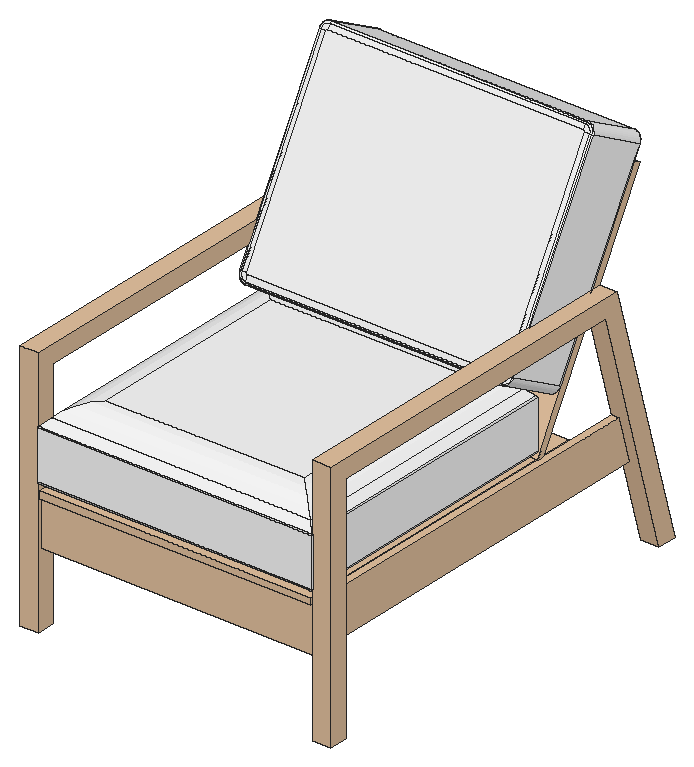
Revit family "IKEA_Lillberg_Chair_Armchair_Fotel_5191", category Мебель, Revit 2017
Family settings
  На основе рабочей плоскости = Нет
  Всегда вертикально = Да
  При загрузке вырезать с полостями = Нет
  Общий = Нет
  Точка расчета площади = Нет
Parameters (values of type "Birch, white")
  Seat material = Fabric - White
  Frame = IKEA-Birch
  Assembly Code = ""
Types (2, lengths in mm): name | Seat material | Frame
  BlackBrown | Fabric - vintage | IKEA-BlackBrown
  Birch, white | Fabric - White | IKEA-Birch
Reference planes
  plane 1 "Środek (Przód/Tył)": y = 0
  plane 2: z = 0
  plane 3 "Środek (Lewa/Prawa)": x = 0
  plane 4 "left pillow": x = -300
  plane 5 "right pillow": x = 300
  plane 6 "Top arm": z = 550
  plane 7: z = 430
  plane 8: y = 285
  plane 9: y = -285
  plane 10: z = 850
  plane 11: y = -655
  plane 12: x = 340
  plane 13: x = -340
  plane 14 "back": through (0, 351.962, 967.403) normal (0, -0.8687, 0.4953)
Forms (mm)
  Extrusion 1, solid, material "IKEA-Birch" <- "Frame"
    sketch origin (0, 0, 0) x (1, 0, 0) y (0, 1, 0)
      loop
        line (-297, 50) -> (-297, -655) -> (297, -655) -> (297, 50) -> (-297, 50)
    from 265 to 280
  Extrusion 2, solid, material "IKEA-Birch" <- "Frame"
    sketch origin (0, 0, 0) x (1, 0, 0) y (0, 1, 0)
      loop
        line (300, -650) -> (300, -635) -> (-300, -635) -> (-300, -650) -> (300, -650)
    from 165 to 265
  Extrusion 3, solid, material "IKEA-Birch" <- "Frame"
    sketch origin (0, 0, 0) x (1, 0, 0) y (0, 1, 0)
      loop
        line (300, -615) -> (315, -615) -> (315, 220) -> (300, 220) -> (300, -615)
      loop
        line (-300, -615) -> (-300, 190) -> (-315, 190) -> (-315, -615) -> (-300, -615)
    from 180 to 280
  Extrusion 4, void
    sketch origin (0, 0, 0) x (0, 1, 0) y (0, 0, 1)
      loop
        line (157.76, 299.937) -> (199.162, 154.937) -> (285, 154.937) -> (285, 299.937) -> (157.76, 299.937)
    from -432.789 to 531.263
  Extrusion 5, solid, material "IKEA-Birch" <- "Frame"
    sketch origin (0, 0, 0) x (0, 1, 0) y (0, 0, 1)
      loop
        line (-40, 280) -> (-26.969, 272.57) -> (240.513, 741.668) -> (227.483, 749.098) -> (-40, 280)
    from -300 to 300
  Extrusion 6, solid, material "Fabric - White" <- "Seat material"
    sketch origin (0, 0, 0) x (0, 1, 0) y (0, 0, 1)
      loop
        line (-656.407, 280) -> (-40, 280) -> (-40, 450) -> (-656.407, 450) -> (-656.407, 280)
    from -300 to 300
  Sweep 7, void
    path origin (0, 0, 450) x (1, 0, 0) y (0, 1, 0)
      loop
        line (-300, -40) -> (-300, -656.407) -> (300, -656.407) -> (300, -40) -> (-300, -40)
    profile origin (0, -40, 450) x (0, 1, 0) y (0, 0, 1)
      loop
        line (0, 30) -> (-155.955, 30) -> (-158.58, 0) -> (-82.846, 0)
        arc (-82.846, 0) -> (-46.723, -7.375) -> (-16.383, -28.321) r 92.147
        line (-16.383, -28.321) -> (-1.394, -43.93)
        arc (-1.394, -43.93) -> (-0.361, -45.526) -> (0, -47.393) r 5
        line (0, -47.393) -> (0, 30)
  Sweep 8, void
    path origin (0, 0, 0) x (1, 0, 0) y (0, 1, 0)
      loop
        line (-300, -40) -> (-300, -656.407) -> (300, -656.407) -> (300, -40) -> (-300, -40)
    profile origin (0, -40, 0) x (0, 1, 0) y (0, 0, 1)
      loop
        line (0, 280) -> (0, 297.091)
        arc (0, 297.091) -> (-1.063, 294.009) -> (-3.799, 292.237) r 5
        line (-3.799, 292.237) -> (-27.489, 286.376)
        arc (-27.489, 286.376) -> (-53.453, 281.6) -> (-79.804, 280) r 217.821
        line (-79.804, 280) -> (0, 280)
  Extrusion 9, solid, material "Fabric - White" <- "Seat material"
    sketch origin (0, -150.67, 85.913) x (0, 0.495339, 0.8687) y (-1, 0, 0)
      loop
        arc (814.424, 292) -> (812.081, 297.657) -> (806.424, 300) r 8
        line (806.424, 300) -> (344.656, 300)
        arc (344.656, 300) -> (339, 297.657) -> (336.656, 292) r 8
        line (336.656, 292) -> (336.656, -292)
        arc (336.656, -292) -> (339, -297.657) -> (344.656, -300) r 8
        line (344.656, -300) -> (806.424, -300)
        arc (806.424, -300) -> (812.081, -297.657) -> (814.424, -292) r 8
        line (814.424, -292) -> (814.424, 292)
    from 0 to 151.842
  Sweep 10, void
    path origin (0, -150.67, 85.913) x (0, 0.495339, 0.8687) y (-1, 0, 0)
      loop
        line (814.424, -280) -> (814.424, 280)
        arc (814.424, 280) -> (808.567, 294.142) -> (794.424, 300) r 20
        line (794.424, 300) -> (356.656, 300)
        arc (356.656, 300) -> (342.514, 294.142) -> (336.656, 280) r 20
        line (336.656, 280) -> (336.656, -280)
        arc (336.656, -280) -> (342.514, -294.142) -> (356.656, -300) r 20
        line (356.656, -300) -> (794.424, -300)
        arc (794.424, -300) -> (808.567, -294.142) -> (814.424, -280) r 20
    profile origin (0, 252.746, 793.403) x (0, -0.495339, -0.8687) y (0, -0.8687, 0.495339)
      loop
        line (4.302, 1.327) -> (1.299, 2.098)
        arc (1.299, 2.098) -> (0.363, 2.712) -> (0, 3.771) r 1.728
        line (0, 3.771) -> (0, 148.771)
        arc (0, 148.771) -> (0.834, 149.486) -> (1.859, 149.881) r 3.24
        line (1.859, 149.881) -> (6.307, 150.772)
        arc (6.307, 150.772) -> (11.679, 151.574) -> (17.104, 151.842) r 55
        line (17.104, 151.842) -> (-25, 151.842) -> (-25, 0) -> (14.82, 0)
        arc (14.82, 0) -> (9.519, 0.333) -> (4.302, 1.327) r 42.335
  Extrusion 11, solid, material "IKEA-Birch" <- "Frame"
    sketch origin (0, 0, 0) x (0, 1, 0) y (0, 0, 1)
      loop
        line (285, 0) -> (128.256, 550) -> (-655, 550) -> (-655, 0) -> (-615, 0) -> (-615, 510) -> (98.05, 510) -> (243.394, 0) -> (285, 0)
    from 300 to 340
  Extrusion 12, solid, material "IKEA-Birch" <- "Frame"
    sketch origin (0, 0, 0) x (0, 1, 0) y (0, 0, 1)
      loop
        line (285, 0) -> (128.256, 550) -> (-655, 550) -> (-655, 0) -> (-615, 0) -> (-615, 510) -> (98.05, 510) -> (243.394, 0) -> (285, 0)
    from -340 to -300
Cuts and joins
  Extrusion 4 cuts Extrusion 3
  Sweep 7, Sweep 8 cuts Extrusion 6
  Sweep 10 cuts Extrusion 5
  Sweep 10 cuts Extrusion 9
Dimensions and locks
  locked: plane 6 "Top arm" to plane 2 at 550
  locked: plane 2 to plane 7 at 430
  locked: plane 4 "left pillow" to plane 5 "right pillow" at 600
  equal spacing: plane 4 "left pillow", plane 3 "Środek (Lewa/Prawa)", plane 5 "right pillow"
  equal spacing: plane 8, plane 1 "Środek (Przód/Tył)", plane 9
  locked: plane 8 to plane 9 at 570
  plane 9 to plane 8 = 570 mm
  locked: plane 10 to level at 850
  locked: plane 11 to plane 8 at 940
  aligned and locked: Extrusion 2 to Extrusion 1
  aligned and locked: Extrusion 1 to Extrusion 3
Automatic sketch dimensions
  Extrusion 1 sketch curve to plane 11 = 0 mm
  plane 4 "left pillow" to Extrusion 1 sketch curve = 3 mm
  Extrusion 1 sketch curve to plane 5 "right pillow" = 3 mm
  Extrusion 1 sketch curve to plane 1 "Środek (Przód/Tył)" = 50 mm
  Extrusion 2 sketch curve to plane 4 "left pillow" = 0 mm
  Extrusion 2 sketch curve to plane 5 "right pillow" = 0 mm
  plane 11 to Extrusion 2 sketch curve = 5 mm
  Extrusion 2 sketch curve to Extrusion 2 sketch curve = 15 mm
  Extrusion 3 sketch curve to plane 4 "left pillow" = 0 mm
  Extrusion 3 sketch curve to plane 5 "right pillow" = 0 mm
  Extrusion 3 sketch curve to plane 4 "left pillow" = 15 mm
  Extrusion 3 sketch curve to Extrusion 3 sketch curve = 15 mm
  plane 11 to Extrusion 3 sketch curve = 40 mm  (x2)
  Extrusion 3 sketch curve to plane 8 = 95 mm
  Extrusion 3 sketch curve to plane 8 = 65 mm
  Extrusion 4 sketch curve to plane 8 = 0 mm
  Extrusion 4 sketch curve to Extrusion 4 sketch curve = 85.838 mm
  Extrusion 4 sketch curve to Extrusion 4 sketch curve = 127.24 mm
  level to Extrusion 4 sketch curve = 154.937 mm
  Extrusion 4 sketch curve to plane 7 = 130.063 mm
  Extrusion 5 sketch curve to plane 14 "back" = 0 mm  (x2)
  plane 1 "Środek (Przód/Tył)" to Extrusion 5 sketch curve = 40 mm
  Extrusion 5 sketch curve to Extrusion 5 sketch curve = 13.031 mm
  Extrusion 5 sketch curve to plane 8 = 57.517 mm
  Extrusion 6 sketch curve to plane 14 "back" = 0 mm
  Extrusion 6 sketch curve to plane 11 = 1.407 mm
  plane 7 to Extrusion 6 sketch curve = 20 mm
  plane 1 "Środek (Przód/Tył)" to Extrusion 6 sketch curve = 40 mm
  Sweep 7 sketch curve to plane 4 "left pillow" = 0 mm
  Sweep 7 sketch curve to plane 5 "right pillow" = 0 mm
  Sweep 7 sketch curve to plane 11 = 1.407 mm
  plane 1 "Środek (Przód/Tył)" to Sweep 7 sketch curve = 40 mm
  Sweep 7 sketch curve to profile plane = 0 mm  (x3)
  profile plane to Sweep 7 sketch curve = 1.394 mm
  Sweep 7 sketch curve to Sweep 7 sketch curve = 5 mm
  profile plane to Sweep 7 sketch curve = 16.383 mm
  Sweep 7 sketch curve to Sweep 7 sketch curve = 66.463 mm
  profile plane to Sweep 7 sketch curve = 30 mm
  Sweep 7 sketch curve to Sweep 7 sketch curve = 73.11 mm
  Sweep 7 sketch curve to Sweep 7 sketch curve = 2.625 mm
  Sweep 7 sketch curve to profile plane = 28.321 mm
  Sweep 7 sketch curve to Sweep 7 sketch curve = 15.608 mm
  Sweep 7 sketch curve to Sweep 7 sketch curve = 0 mm
  Sweep 8 sketch curve to plane 4 "left pillow" = 0 mm
  Sweep 8 sketch curve to plane 5 "right pillow" = 0 mm
  Sweep 8 sketch curve to plane 11 = 1.407 mm
  plane 1 "Środek (Przód/Tył)" to Sweep 8 sketch curve = 40 mm
  Sweep 8 sketch curve to profile plane = 0 mm  (x2)
  profile plane to Sweep 8 sketch curve = 3.799 mm
  Sweep 8 sketch curve to Sweep 8 sketch curve = 1.201 mm
  Sweep 8 sketch curve to Sweep 8 sketch curve = 23.69 mm
  profile plane to Sweep 8 sketch curve = 79.804 mm
  level to Sweep 8 sketch curve = 280 mm
  Sweep 8 sketch curve to Sweep 8 sketch curve = 6.376 mm
  Sweep 8 sketch curve to Sweep 8 sketch curve = 12.237 mm
  Sweep 8 sketch curve to Sweep 8 sketch curve = 0 mm
  Extrusion 9 sketch curve to plane 4 "left pillow" = 0 mm
  Extrusion 9 sketch curve to plane 5 "right pillow" = 0 mm
  Extrusion 9 sketch curve to plane 5 "right pillow" = 8 mm  (x2)
  Extrusion 9 sketch curve to Extrusion 9 sketch curve = 8 mm  (x2)
  Extrusion 9 sketch curve to Extrusion 9 sketch curve = 461.768 mm
  Sweep 10 sketch curve to plane 5 "right pillow" = 0 mm
  Sweep 10 sketch curve to plane 4 "left pillow" = 0 mm
  plane 4 "left pillow" to Sweep 10 sketch curve = 20 mm  (x2)
  Sweep 10 sketch curve to Sweep 10 sketch curve = 20 mm  (x2)
  Sweep 10 sketch curve to Sweep 10 sketch curve = 437.768 mm
  Sweep 10 sketch curve to plane 14 "back" = 0 mm  (x2)
  Sweep 10 sketch curve to profile plane = 0 mm
  profile plane to Sweep 10 sketch curve = 25 mm
  Sweep 10 sketch curve to profile plane = 1.299 mm
  Sweep 10 sketch curve to profile plane = 1.728 mm
  Sweep 10 sketch curve to profile plane = 1.859 mm
  Sweep 10 sketch curve to profile plane = 2.495 mm
  plane 14 "back" to Sweep 10 sketch curve = 1.327 mm
  Sweep 10 sketch curve to Sweep 10 sketch curve = 3.004 mm
  Sweep 10 sketch curve to Sweep 10 sketch curve = 4.448 mm
  Sweep 10 sketch curve to Sweep 10 sketch curve = 10.517 mm
  Sweep 10 sketch curve to Sweep 10 sketch curve = 0 mm  (x2)
  Sweep 10 sketch curve to Sweep 10 sketch curve = 10.797 mm
  plane 14 "back" to Sweep 10 sketch curve = 2.098 mm
  Sweep 10 sketch curve to Sweep 10 sketch curve = 54.507 mm
  Sweep 10 sketch curve to Sweep 10 sketch curve = 49.862 mm
  Sweep 10 sketch curve to Sweep 10 sketch curve = 2.067 mm
  Sweep 10 sketch curve to Sweep 10 sketch curve = 0.891 mm
  Sweep 10 sketch curve to Sweep 10 sketch curve = 3.071 mm
  Extrusion 11 sketch curve to level = 0 mm  (x2)
  Extrusion 11 sketch curve to plane 11 = 0 mm
  Extrusion 11 sketch curve to plane 6 "Top arm" = 0 mm
  Extrusion 11 sketch curve to plane 8 = 0 mm
  plane 11 to Extrusion 11 sketch curve = 40 mm
  Extrusion 11 sketch curve to plane 6 "Top arm" = 40 mm
  Extrusion 11 sketch curve to plane 1 "Środek (Przód/Tył)" = 98.05 mm
  Extrusion 11 sketch curve to Extrusion 11 sketch curve = 30.206 mm
  Extrusion 11 sketch curve to plane 8 = 41.606 mm
  Extrusion 12 sketch curve to level = 0 mm  (x2)
  Extrusion 12 sketch curve to plane 6 "Top arm" = 0 mm
  plane 11 to Extrusion 12 sketch curve = 0 mm
  Extrusion 12 sketch curve to Extrusion 12 sketch curve = 40 mm
  Extrusion 12 sketch curve to plane 8 = 186.95 mm
  Extrusion 12 sketch curve to plane 8 = 156.744 mm
  Extrusion 12 sketch curve to plane 8 = 41.606 mm
  Extrusion 12 sketch curve to Extrusion 12 sketch curve = 41.606 mm
  Extrusion 12 sketch curve to plane 6 "Top arm" = 40 mm
